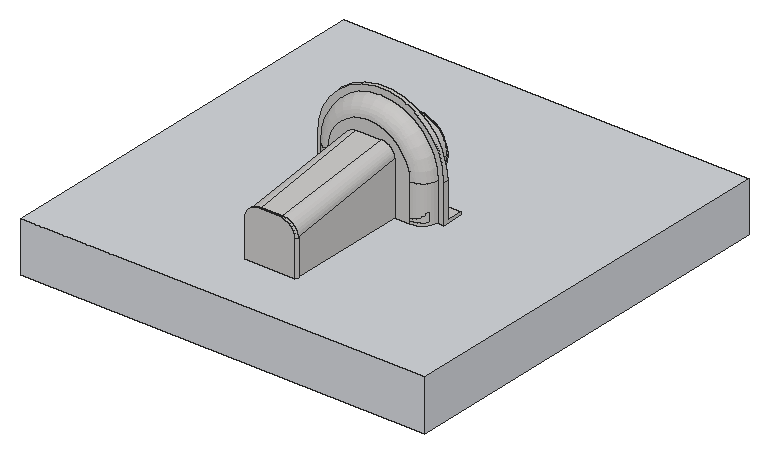
Revit family
Parameters (values of type "3422-ES")
  Waste Connection = yes
  WFU = 0
  Voltage = 0
  Vent Connection = no
  URL = "http://www.acorneng.com/uploads/fileLibrary/342201.pdf"
  Type Comments = ""
  TS - Single-Fold Paper Towel Dispenser (Not ADA Compliant) = no
  TM - C or Multi-Fold Paper Towel Dispenser = no
  ST - Single Temperature Valve = no
  SPX - 16 Gage Stainless Steel Housing (Standard on -ES Contoured Base Units.) = no
  SO-BAT- Sensor Operation (Batteries Not Included) = no
  SO - Sensor Operated = no
  Revised Date = "10/06/2014"
  Phone# = "626-336-4561"
  PPZ - Programmable Piezo Push button Electronic Metering = no
  PDM - Metering Liquid Soap Dispenser (Not Available with -PCB, -TM, or -TS.) = no
  PCB - Pipe Column Brace (Pipe By Others.) = no
  Model = "3422-ES"
  Material = Stainless Steel
  Manufacturer = "Acorn"
  LBS - Less Backsplash = no
  JH31 - 31" Junior Rim Height = no
  HWFU = 0
  HW Connection = no
  HB - Hose Bibb (L or R) = no
  H - Hand Operation = no
  EG - Enviro-Glaze Color, Specify: = no
  Designed By = "ATS"
  Description = "Semi-Circular Models - Two or Three Stations "
  Default Elevation = 34"
  DV - Liquid / Lotion Soap Dispenser = no
  DP - Metering Powder Soap Dispenser = no
  CWFU = 0
  CW Connection = yes
  CB - Column Braced to Backsplash = no
  Assembly Code = "D2010810"
  Amperage = 0
  3422-ES - Semi-Circular with Contoured Base, Two Station = no
  2 - On-Floor, Wall Outlet (1-1/2" OD Tail-Piece Provided Standard) = yes
  1 - Off-Floor, Wall Outlet (1-1/2" OD Tail-Piece Provided Standard) = no
Reference planes (in)
  plane 1 "Center (Front/Back)": y = 0
  plane 2: z = 0
  plane 3 "Center (Left/Right)": x = 0
  plane 4: z = 24
  plane 5: y = -34
  plane 6: y = 10
  plane 7: x = -15
  plane 8: x = 15
  plane 9: y = -4.5
  plane 10: y = 4
  plane 11: z = 13
  plane 12: x = -6
  plane 13: x = 6
  plane 14: y = -15.25
  plane 15: x = -5
  plane 16: x = 5
  plane 17: y = -7.25
Forms (in)
  Extrusion 1, solid
    sketch origin (0, 0, 0) x (1, 0, 0) y (0, 1, 0)
      loop
        line (-48, 48) -> (-48, -48) -> (48, -48) -> (48, 48) -> (-48, 48)
    from 0 to -12
  Sweep 2, solid, material "Stainless Steel"
    path origin (0, 0, 0) x (1, 0, 0) y (0, 0, 1)
      loop
        line (-15, 0) -> (-15, 9)
        arc (-15, 9) -> (0, 24) -> (15, 9) r 15
        line (15, 9) -> (15, 0)
    profile origin (-15, 0, 4.5) x (-1, 0, 0) y (0, -1, 0)
      loop
        line (0, 0) -> (0, 1) -> (-1.50104, 1)
        arc (-1.50104, 1) -> (-2.6856, 3.489) -> (-5.25, 4.5) r 3.75781
        line (-5.25, 4.5) -> (-6.25, 4.5) -> (-6.25, 4)
        arc (-6.25, 4) -> (-3.33185, 2.84273) -> (-2, 0) r 4.25781
        line (-2, 0) -> (-1, 0) -> (0, 0)
  Extrusion 3, solid, material "Stainless Steel"
    sketch origin (0, 0, 0) x (1, 0, 0) y (0, 0, 1)
      loop
        line (8.75, 0) -> (8.75, 9)
        arc (8.75, 9) -> (6.18718, 15.18718) -> (0, 17.75) r 8.75
        arc (0, 17.75) -> (-6.18718, 15.18718) -> (-8.75, 9) r 8.75
        line (-8.75, 9) -> (-8.75, 0) -> (8.75, 0)
    from 4 to 4.5
  Blend 4, solid, material "Stainless Steel"
    base sketch origin (0, 0, -0.75) x (1, 0, 0) y (0, 0, 1)
      loop
        line (-6, 0.75) -> (6, 0.75) -> (6, 13.25)
        arc (6, 13.25) -> (5.12132, 15.37132) -> (3, 16.25) r 3
        line (3, 16.25) -> (-3, 16.25)
        arc (-3, 16.25) -> (-5.12132, 15.37132) -> (-6, 13.25) r 3
        line (-6, 13.25) -> (-6, 0.75)
    top sketch origin (0, 0, -0.75) x (1, 0, 0) y (0, 0, 1)
      loop
        line (6, 0.75) -> (6, 9)
        arc (6, 9) -> (4.97487, 11.47487) -> (2.5, 12.5) r 3.5
        line (2.5, 12.5) -> (-2.5, 12.5)
        arc (-2.5, 12.5) -> (-4.97487, 11.47487) -> (-6, 9) r 3.5
        line (-6, 9) -> (-6, 0.75) -> (6, 0.75)
    from 4.5 to 33.3283
  Sweep 5, solid, material "Stainless Steel"
    path origin (0, 0, 0) x (1, 0, 0) y (0, 0, 1)
      loop
        circle (0, 7.36687) r 7
    profile origin (0, 0, 14.36687) x (0, 0, -1) y (0, -1, 0)
      loop
        line (0, -5.5) -> (0, -9.90625) -> (2, -9.90625) -> (2, -9.5) -> (1, -9.5) -> (1, -5.94523) -> (2.04978, -5) -> (4.6064, -5) -> (4.6064, -3.64645) -> (4.01947, -3.64645) -> (3.66592, -4) -> (1.66592, -4) -> (0, -5.5)
  Extrusion 6, solid, material "Stainless Steel"
    sketch origin (0, 0, 0) x (1, 0, 0) y (0, 0, 1)
      loop
        circle (0, 7.36687) r 3
    from -4 to 5
  Extrusion 7, solid, material "Stainless Steel"
    sketch origin (0, 0, 0) x (1, 0, 0) y (0, 1, 0)
      loop
        circle (0, 7.74507) r 0.5
    from 14.24807 to 14.62579
  Extrusion 8, solid, material "Stainless Steel"
    sketch origin (-13.875, 0, 0.5) x (0, 1, 0) y (0, 0, 1)
      loop
        circle (7.74507, 6.99807) r 0.5
    from 6.56542 to 7.50321
  Extrusion 9, solid, material "Stainless Steel"
    sketch origin (-5.4383, -6.01846, 0.5) x (-0.743145, 0.669131, 0) y (0, 0, 1)
      loop
        circle (7.74507, 6.99807) r 0.5
    from 7.26243 to 7.64315
  Extrusion 10, solid, material "Stainless Steel"
    sketch origin (5.4383, -6.01846, 0.5) x (0.743145, 0.669131, 0) y (0, 0, -1)
      loop
        circle (7.74507, -6.99807) r 0.5
    from 7.26243 to 7.64315
  Extrusion 11, solid, material "Stainless Steel"
    sketch origin (13.875, 0, 0.5) x (0, 1, 0) y (0, 0, -1)
      loop
        circle (7.74507, -6.99807) r 0.5
    from 6.56542 to 7.50321
  Extrusion 12, solid, material "Stainless Steel"
    sketch origin (0, 10.03941, -1.91009) x (1, 0, 0) y (0, 0.668103, 0.744069)
      loop
        circle (0, 7.74507) r 0.5
    from 14.24807 to 14.62579
  Extrusion 13, solid, material "Stainless Steel"
    sketch origin (0, 0, 0) x (1, 0, 0) y (0, 0, 1)
      loop
        circle (0, 7.36687) r 7
    from -10 to -9.73315
  Extrusion 14, solid, material "Stainless Steel"
    sketch origin (0, 0, 0) x (1, 0, 0) y (0, 1, 0)
      loop
        line (15, 4) -> (-15, 4) -> (-15, -1) -> (-13.49896, -1)
        arc (-13.49896, -1) -> (-12.3144, -3.489) -> (-9.75, -4.5) r 3.75781
        line (-9.75, -4.5) -> (9.75, -4.5)
        arc (9.75, -4.5) -> (12.3144, -3.489) -> (13.49896, -1) r 3.75781
        line (13.49896, -1) -> (15, -1) -> (15, 4)
    from 0 to 0.75
  Extrusion 15, solid, material "Stainless Steel"
    sketch origin (0, 0, 0) x (1, 0, 0) y (0, 0, 1)
      loop
        arc (13, 4) -> (12.22335, 2.125) -> (10.34835, 1.34835) r 2.65165
        line (10.34835, 1.34835) -> (-10.34835, 1.34835)
        arc (-10.34835, 1.34835) -> (-12.22335, 2.125) -> (-13, 4) r 2.65165
        line (-13, 4) -> (-13, 0.70385) -> (13, 0.70385) -> (13, 4)
    from 0 to 4.5
  Extrusion 16, void
    sketch origin (0, 0, 0) x (1, 0, 0) y (0, 1, 0)
      loop
        line (-13, -2.62863) -> (-13, -4.5) -> (-9.75, -4.5)
        arc (-9.75, -4.5) -> (-11.62514, -3.99872) -> (-13, -2.62863) r 3.75781
    from 0 to 12
  Extrusion 17, void
    sketch origin (0, 0, 0) x (-1, 0, 0) y (0, -1, 0)
      loop
        arc (-13, 2.62863) -> (-11.62514, 3.99872) -> (-9.75, 4.5) r 3.75781
        line (-9.75, 4.5) -> (-13, 4.5) -> (-13, 2.62863)
    from 0 to 12
  Extrusion 18, void
    sketch origin (0, 0, 0) x (1, 0, 0) y (0, 1, 0)
      loop
        circle (-5, -7.25) r 0.5
      loop
        circle (5, -7.25) r 0.5
      loop
        circle (-5, -15.25) r 0.5
      loop
        circle (5, -15.25) r 0.5
    from -0.52729 to 0.75
  Extrusion 19, solid
    sketch origin (0, 0, 0) x (1, 0, 0) y (0, 1, 0)
      loop
        circle (0, -7.25) r 0.75
    from -0.21183 to 0.39127
  Extrusion 20, solid
    sketch origin (0, 0, 0) x (1, 0, 0) y (0, 1, 0)
      loop
        circle (-2.18441, -15.25) r 0.25
    from 0 to 1.7319
  Extrusion 21, solid
    sketch origin (0, 0, 0) x (-1, 0, 0) y (0, -1, 0)
      loop
        circle (-2.18441, 15.25) r 0.25
    from 0 to 1.7319
  Blend 22, solid, material "Stainless Steel"
    base sketch origin (0, -44.0783, -0.75) x (1, 0, 0) y (0, 0, -1)
      loop
        line (-6, -0.75) -> (-6, -9.33594)
        arc (-6, -9.33594) -> (-5.01835, -11.70585) -> (-2.64844, -12.6875) r 3.35156
        line (-2.64844, -12.6875) -> (2.64669, -12.6875)
        arc (2.64669, -12.6875) -> (5.01784, -11.70534) -> (6, -9.33419) r 3.35331
        line (6, -9.33419) -> (6, -0.75) -> (-6, -0.75)
    top sketch origin (0, -44.0783, -0.75) x (1, 0, 0) y (0, 0, -1)
      loop
        line (6.25, -0.75) -> (-6.25, -0.75) -> (-6.25, -9)
        arc (-6.25, -9) -> (-5.22487, -11.47487) -> (-2.75, -12.5) r 3.5
        line (-2.75, -12.5) -> (2.75, -12.5)
        arc (2.75, -12.5) -> (5.22487, -11.47487) -> (6.25, -9) r 3.5
        line (6.25, -9) -> (6.25, -0.75)
    from 10.0783 to 10.75
  Extrusion 23, void
    sketch origin (0, 0, 0) x (1, 0, 0) y (0, 0, 1)
      loop
        line (12.62113, 2.64835) -> (12.51907, 2.51039) -> (12.51907, 1.14835) -> (14.51907, 1.14835) -> (14.51907, 2.64835) -> (12.62113, 2.64835)
      loop
        circle (13.92155, 2.23931) r 0.12353
      loop
        circle (13.92155, 1.5574) r 0.12353
      loop
        circle (13.1249, 1.90078) r 0.12353
    from 0 to 0.06959
  Extrusion 24, void
    sketch origin (0, 0, 0) x (-1, 0, 0) y (0, 0, -1)
      loop
        line (12.62113, -2.64835) -> (14.51907, -2.64835) -> (14.51907, -1.14835) -> (12.51907, -1.14835) -> (12.51907, -2.51039) -> (12.62113, -2.64835)
      loop
        circle (13.92155, -2.23931) r 0.12353
      loop
        circle (13.92155, -1.5574) r 0.12353
      loop
        circle (13.1249, -1.90078) r 0.12353
    from 0 to 0.06959
Cuts and joins
  Extrusion 16, Extrusion 23, Extrusion 24 cuts Sweep 2
  Extrusion 16, Extrusion 23, Extrusion 24 cuts Extrusion 3
  Extrusion 16, Extrusion 23, Extrusion 24 cuts Sweep 5
  Extrusion 16, Extrusion 23, Extrusion 24 cuts Extrusion 6
  Extrusion 16, Extrusion 23, Extrusion 24 cuts Extrusion 7
  Extrusion 16, Extrusion 23, Extrusion 24 cuts Extrusion 8
  Extrusion 16, Extrusion 23, Extrusion 24 cuts Extrusion 9
  Extrusion 16, Extrusion 23, Extrusion 24 cuts Extrusion 10
  Extrusion 16, Extrusion 23, Extrusion 24 cuts Extrusion 11
  Extrusion 16, Extrusion 23, Extrusion 24 cuts Extrusion 12
  Extrusion 16, Extrusion 23, Extrusion 24 cuts Extrusion 13
  Extrusion 16, Extrusion 23, Extrusion 24 cuts Extrusion 14
  Extrusion 16, Extrusion 17, Extrusion 23, Extrusion 24 cuts Extrusion 15
  joined: Sweep 2, Extrusion 3, Sweep 5, Extrusion 6, Extrusion 7, Extrusion 8, Extrusion 9, Extrusion 10, Extrusion 11, Extrusion 12, Extrusion 13, Extrusion 14, Extrusion 15
  Extrusion 18 cuts Blend 4
Lines and regions (in)
  Split face 1
    outline origin (-6, -4.5, 6.25) x (0, 0, -1) y (0, -1, 0)
      loop
        line (6.25, 21.3283) -> (-3.10568, 21.3283) -> (-6.25, 0) -> (6.25, 0)
  Split face 2
    outline origin (6, -4.5, 6.25) x (0, 0, 1) y (0, -1, 0)
      loop
        line (-6.25, 20.8283) -> (3.1794, 20.8283) -> (6.25, 0) -> (-6.25, 0)
Dimensions and locks (in)
  plane 4 to plane 2 = 24"  (x2)
  plane 1 "Center (Front/Back)" to plane 5 = 34"
  plane 6 to plane 1 "Center (Front/Back)" = 10"
  plane 7 to plane 8 = 30"
  plane 9 to plane 5 = 29 1/2"
  plane 5 to plane 6 = 44"
  plane 5 to plane 1 "Center (Front/Back)" = 34"
  plane 5 to plane 9 = 29 1/2"
  plane 12 to plane 13 = 12"
  plane 14 to plane 5 = 18 3/4"
  plane 15 to plane 16 = 10"
  plane 17 to plane 14 = 8"
  aligned and locked: plane 2 to Extrusion 1
  aligned and locked: level to Extrusion 1
Connectors (in)
  piping at (2.18441, -15.25, 0)
    settings: on Extrusion 21, index 1
  piping at (-2.18441, -15.25, 0)
    settings: on Extrusion 20, index 2
  piping at (0, -7.25, -0.21183)
    settings: on Extrusion 19, index 3
